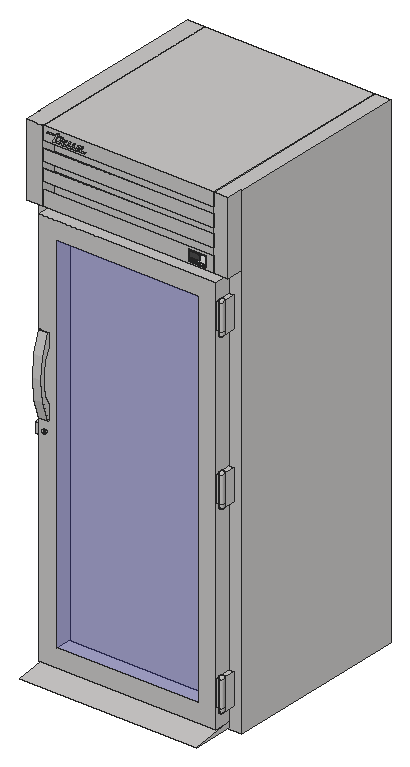
Revit family "QF_TRUE_STG1RRI-1G", category Specialty Equipment, Revit 2012
Parameters
  Weight in Pounds [instance] = 0
  Watts = Volts * FL Amps  # 1023.5 W
  Volts = 115 V
  URL Cutsheet = "www.truemfg.com"
  URL = "www.truemfg.com"
  Type Mark [instance] = ""
  Type Comments = ""
  Status [instance] = ""
  Specification by User [instance] = ""
  Specification by Manufacturer = ""
  Show Logo [instance] = yes
  Show Clearance [instance] = yes
  Serial Number = ""
  Seismic Rating = ""
  SMACNA No = ""
  Revision Code [instance] = ""
  Phase = 1
  Omniclass Number and Title = ""
  Number of Poles [instance] = 1
  NAFEM Spec ID Number = ""
  Model = "STG1RRI-1G"
  Min Ckt Ampacity = 0 A
  Max Overcurrent Protection = 0 A
  Masterspec [instance] = ""
  Manufacturer = "TRUE FOOD SERVICE EQUIPMENT, INC."
  Length = 35"
  Item Number [instance] = ""
  Installed By [instance] = ""
  Identify Quantity as Lot [instance] = yes
  Height = 83 3/4"
  HP = "1/3"
  Furnished By [instance] = ""
  Foodservice Equipment Identifier [instance] = yes
  FL Amps = 8.9 A
  Electrical Remarks [instance] = ""
  Electric Connection Type [instance] = ""
  Elec Conn RI Height [instance] = 0"
  Elec Conn Connection Height [instance] = 0"
  Description = "ROLL-IN GLASS SWING DOOR REFRIGERATOR WITH LED LIGHTING"
  Depth = 34 3/4"
  Cycle = 60 Hz
  Conn Plug = "5-15P"
  Conn Conduit = yes
  CSI MasterFormat = ""
  CSI Master Format = ""
  Apparent Power = if(Phase = 3, Volts * FL Amps * 1.73, Volts * FL Amps)  # 1023.5 VA
Reference planes (in)
  plane 1 "BACK": y = 0
  plane 2: z = 0
  plane 3 "LEFT": x = 0
  plane 4 "RIGHT": x = 35
  plane 5 "FRONT": y = -34.75
  plane 6 "TOP": z = 83.75
  plane 7: x = 2.84375
  plane 8: y = -34.7042
  plane 9: x = 32.15625
  plane 10: z = 69.90625
  plane 11: y = -64.625
Forms (in)
  Extrusion 1, solid, material "QF_Finishes_Stainless Steel"
    sketch origin (0.05, 0, 0) x (1, 0, 0) y (0, 1, 0)
      loop
        line (-0.05, 0) -> (-0.05, -32) -> (2.87859, -32) -> (2.87859, 0) -> (-0.05, 0)
    from 0 to 83.75
  Extrusion 2, solid, material "QF_Finishes_Stainless Steel"
    sketch origin (50.15, 0, 0) x (1, 0, 0) y (0, 1, 0)
      loop
        line (-17.85, 0) -> (-17.85, -32) -> (-15.15, -32) -> (-15.15, 0) -> (-17.85, 0)
    from 0 to 83.75
  Extrusion 3, solid, material "QF_Finishes_Stainless Steel"
    sketch origin (0, 0, 0) x (0, 1, 0) y (0, 0, 1)
      loop
        line (-34.7042, 71.28125) -> (-32, 71.28125) -> (-32, 0) -> (0, 0) -> (0, 83.75) -> (-34.7042, 83.75) -> (-34.7042, 81.46828) -> (-32.5, 79.90102) -> (-32.5, 78.77875) -> (-34.7042, 80.34601) -> (-34.7042, 78.2123) -> (-32.5, 76.64504) -> (-32.5, 75.68428) -> (-34.7042, 77.25154) -> (-34.7042, 75.15534) -> (-32.5, 73.58807) -> (-32.5, 72.3125) -> (-34.7042, 73.87976) -> (-34.7042, 71.28125)
    from 2.92859 to 32.3
  Extrusion 4, solid, material "QF_Finishes_Stainless Steel"
    sketch origin (0, 0, 0) x (1, 0, 0) y (0, 1, 0)
      loop
        line (34.84782, -32) -> (32.3, -32) -> (32.3, -34.75) -> (34.84782, -34.75) -> (34.84782, -32)
    from 71.28125 to 83.75
  Extrusion 5, solid, material "QF_Finishes_Stainless Steel"
    sketch origin (-50.125, 0, 0.25) x (1, 0, 0) y (0, 1, 0)
      loop
        line (53.05359, -32) -> (50.24109, -32) -> (50.24109, -34.75) -> (53.05359, -34.75) -> (53.05359, -32)
    from 71.03125 to 83.5
  Extrusion 6, solid, material "QF_Finishes_Stainless Steel", visible <- "Show Logo"
    sketch origin (0.33478, 0.06376, 5.01857) x (1, 0, 0) y (0, 0, 1)
      loop
        line (3.46044, 78.08731) -> (3.35478, 77.86073) -> (4.76027, 77.86073)
        arc (4.76027, 77.86073) -> (4.78879, 77.81028) -> (4.76027, 77.75984) r 0.05887
        line (4.76027, 77.75984) -> (4.39369, 76.97372)
        arc (4.39369, 76.97372) -> (4.39051, 76.90091) -> (4.43975, 76.84717) r 0.09523
        line (4.43975, 76.84717) -> (5.33844, 76.84717)
        arc (5.33844, 76.84717) -> (5.45192, 76.88295) -> (5.52436, 76.97735) r 0.19785
        line (5.52436, 76.97735) -> (5.81285, 77.59601) -> (6.0779, 77.59601)
        arc (6.0779, 77.59601) -> (6.14744, 77.57043) -> (6.13737, 77.49703) r 0.05911
        line (6.13737, 77.49703) -> (5.89598, 76.97937)
        arc (5.89598, 76.97937) -> (5.89974, 76.8934) -> (5.97231, 76.84717) r 0.09318
        line (5.97231, 76.84717) -> (6.76198, 76.84717)
        arc (6.76198, 76.84717) -> (6.82249, 76.86919) -> (6.85468, 76.92495) r 0.09412
        arc (6.85468, 76.92495) -> (6.87746, 76.86995) -> (6.93246, 76.84717) r 0.07778
        line (6.93246, 76.84717) -> (7.43246, 76.84717)
        arc (7.43246, 76.84717) -> (7.49022, 76.86265) -> (7.53251, 76.90493) r 0.11552
        arc (7.53251, 76.90493) -> (7.55275, 76.85606) -> (7.60162, 76.83581) r 0.06912
        line (7.60162, 76.83581) -> (8.31225, 76.83581)
        arc (8.31225, 76.83581) -> (8.37034, 76.85988) -> (8.39441, 76.91797) r 0.08216
        arc (8.39441, 76.91797) -> (8.44767, 76.86472) -> (8.52042, 76.84522) r 0.14551
        line (8.52042, 76.84522) -> (9.85158, 76.84522) -> (9.99946, 77.10134) -> (8.65678, 77.10134)
        arc (8.65678, 77.10134) -> (8.61972, 77.12704) -> (8.61834, 77.17211) r 0.05009
        line (8.61834, 77.17211) -> (8.64157, 77.22192)
        arc (8.64157, 77.22192) -> (8.67723, 77.26864) -> (8.73327, 77.28635) r 0.09747
        line (8.73327, 77.28635) -> (9.16485, 77.28635)
        arc (9.16485, 77.28635) -> (9.258, 77.31131) -> (9.32619, 77.3795) r 0.1863
        line (9.32619, 77.3795) -> (9.45119, 77.59601)
        arc (9.45119, 77.59601) -> (9.45119, 77.71157) -> (9.35111, 77.76934) r 0.11556
        line (9.35111, 77.76934) -> (8.89562, 77.76934)
        arc (8.89562, 77.76934) -> (8.7795, 77.74962) -> (8.69849, 77.66412) r 0.18605
        line (8.69849, 77.66412) -> (8.48204, 77.19993)
        arc (8.48204, 77.19993) -> (8.41815, 77.11667) -> (8.31806, 77.08511) r 0.1745
        line (8.31806, 77.08511) -> (7.84559, 77.08511)
        arc (7.84559, 77.08511) -> (7.78903, 77.14684) -> (7.79268, 77.23048) r 0.10939
        line (7.79268, 77.23048) -> (8.04395, 77.76934) -> (7.88403, 77.76934) -> (7.61781, 77.19844)
        arc (7.61781, 77.19844) -> (7.56609, 77.13103) -> (7.48505, 77.10548) r 0.14128
        line (7.48505, 77.10548) -> (7.15925, 77.10548)
        arc (7.15925, 77.10548) -> (7.10419, 77.17723) -> (7.116, 77.26689) r 0.11816
        line (7.116, 77.26689) -> (7.3503, 77.76934) -> (7.18514, 77.76934) -> (6.91546, 77.191)
        arc (6.91546, 77.191) -> (6.85285, 77.12839) -> (6.76733, 77.10548) r 0.17104
        line (6.76733, 77.10548) -> (6.29555, 77.10548)
        arc (6.29555, 77.10548) -> (6.21082, 77.14499) -> (6.20267, 77.23813) r 0.0935
        line (6.20267, 77.23813) -> (6.35774, 77.57069) -> (6.57695, 77.57069)
        arc (6.57695, 77.57069) -> (6.61395, 77.68217) -> (6.69267, 77.76934) r 0.2857
        line (6.69267, 77.76934) -> (5.83605, 77.76934)
        arc (5.83605, 77.76934) -> (5.74086, 77.74824) -> (5.67498, 77.67635) r 0.16212
        line (5.67498, 77.67635) -> (5.44279, 77.17841)
        arc (5.44279, 77.17841) -> (5.3894, 77.12502) -> (5.31647, 77.10548) r 0.14586
        line (5.31647, 77.10548) -> (4.80506, 77.10548)
        arc (4.80506, 77.10548) -> (4.76514, 77.15942) -> (4.77274, 77.22609) r 0.09155
        line (4.77274, 77.22609) -> (5.11018, 77.86073) -> (5.96155, 77.86073) -> (6.06721, 78.08731) -> (5.21584, 78.08731) -> (5.32149, 78.31388) -> (5.01862, 78.31388) -> (4.91297, 78.08731) -> (3.46044, 78.08731)
      loop
        arc (8.83805, 77.56363) -> (8.80119, 77.55375) -> (8.7742, 77.52676) r 0.07373
        line (8.7742, 77.52676) -> (8.75229, 77.45936)
        arc (8.75229, 77.45936) -> (8.76245, 77.43483) -> (8.78699, 77.42466) r 0.0347
        line (8.78699, 77.42466) -> (9.15948, 77.42466)
        arc (9.15948, 77.42466) -> (9.18632, 77.43061) -> (9.20812, 77.44734) r 0.0635
        line (9.20812, 77.44734) -> (9.22624, 77.53122)
        arc (9.22624, 77.53122) -> (9.22091, 77.55368) -> (9.20009, 77.56363) r 0.02676
        line (9.20009, 77.56363) -> (8.83805, 77.56363)
    from 34.76797 to 34.83173
  Extrusion 7, solid, material "QF_Finishes_White"
    sketch origin (-22.74812, 0.0458, -7.91247) x (1, 0, 0) y (0, 0, 1)
      loop
        line (50.81732, 81.35727) -> (50.81732, 79.60996) -> (53.72357, 79.60996) -> (53.72357, 81.35727) -> (50.81732, 81.35727)
    from 34.75 to 34.76797
  Extrusion 8, solid, material "QF_Finishes_Black"
    sketch origin (-22.74812, 0.0458, -7.91247) x (1, 0, 0) y (0, 0, 1)
      loop
        line (53.78607, 81.41977) -> (50.75482, 81.41977) -> (50.75482, 79.54746) -> (53.78607, 79.54746) -> (53.78607, 81.41977)
      loop
        spline (50.95482, 79.87872) -> (50.96333, 79.86254) -> (50.98831, 79.84747) -> (51.02804, 79.83452) -> (51.07982, 79.82459) -> (51.14011, 79.81835) -> (51.20482, 79.81622) -> (51.26952, 79.81835) -> (51.32982, 79.82459) -> (51.38159, 79.83452) -> (51.42132, 79.84747) -> (51.4463, 79.86254) -> (51.45482, 79.87872)
        spline (51.45482, 79.87872) -> (51.4463, 79.89489) -> (51.42132, 79.90997) -> (51.38159, 79.92291) -> (51.32982, 79.93284) -> (51.26952, 79.93909) -> (51.20482, 79.94122) -> (51.14011, 79.93909) -> (51.07982, 79.93284) -> (51.02804, 79.92291) -> (50.98831, 79.90997) -> (50.96333, 79.89489) -> (50.95482, 79.87872)
      loop
        spline (51.65083, 79.87872) -> (51.65935, 79.86254) -> (51.68432, 79.84747) -> (51.72405, 79.83452) -> (51.77583, 79.82459) -> (51.83612, 79.81835) -> (51.90083, 79.81622) -> (51.96553, 79.81835) -> (52.02583, 79.82459) -> (52.07761, 79.83452) -> (52.11734, 79.84747) -> (52.14231, 79.86254) -> (52.15083, 79.87872)
        spline (52.15083, 79.87872) -> (52.14231, 79.89489) -> (52.11734, 79.90997) -> (52.07761, 79.92291) -> (52.02583, 79.93284) -> (51.96553, 79.93909) -> (51.90083, 79.94122) -> (51.83612, 79.93909) -> (51.77583, 79.93284) -> (51.72405, 79.92291) -> (51.68432, 79.90997) -> (51.65935, 79.89489) -> (51.65083, 79.87872)
      loop
        spline (52.40083, 79.87872) -> (52.40935, 79.86254) -> (52.43432, 79.84747) -> (52.47405, 79.83452) -> (52.52583, 79.82459) -> (52.58612, 79.81835) -> (52.65083, 79.81622) -> (52.71553, 79.81835) -> (52.77583, 79.82459) -> (52.82761, 79.83452) -> (52.86734, 79.84747) -> (52.89231, 79.86254) -> (52.90083, 79.87872)
        spline (52.90083, 79.87872) -> (52.89231, 79.89489) -> (52.86734, 79.90997) -> (52.82761, 79.92291) -> (52.77583, 79.93284) -> (52.71553, 79.93909) -> (52.65083, 79.94122) -> (52.58612, 79.93909) -> (52.52583, 79.93284) -> (52.47405, 79.92291) -> (52.43432, 79.90997) -> (52.40935, 79.89489) -> (52.40083, 79.87872)
      loop
        line (50.95481, 81.21978) -> (50.95481, 80.21978) -> (52.65433, 80.21978) -> (52.65433, 81.21978) -> (50.95481, 81.21978)
      loop
        line (53.72357, 81.35727) -> (50.81732, 81.35727) -> (50.81732, 79.60996) -> (53.72357, 79.60996) -> (53.72357, 81.35727)
      loop
        spline (53.15083, 79.87872) -> (53.15935, 79.86254) -> (53.18432, 79.84747) -> (53.22405, 79.83452) -> (53.27583, 79.82459) -> (53.33612, 79.81835) -> (53.40083, 79.81622) -> (53.46553, 79.81835) -> (53.52583, 79.82459) -> (53.57761, 79.83452) -> (53.61734, 79.84747) -> (53.64231, 79.86254) -> (53.65083, 79.87872)
        spline (53.65083, 79.87872) -> (53.64231, 79.89489) -> (53.61734, 79.90997) -> (53.57761, 79.92291) -> (53.52583, 79.93284) -> (53.46553, 79.93909) -> (53.40083, 79.94122) -> (53.33612, 79.93909) -> (53.27583, 79.93284) -> (53.22405, 79.92291) -> (53.18432, 79.90997) -> (53.15935, 79.89489) -> (53.15083, 79.87872)
    from 34.76797 to 34.80335
  Extrusion 9, solid, material "QF_Finishes_Stainless Steel"
    sketch origin (-25.125, 0, 0) x (1, 0, 0) y (0, 0, 1)
      loop
        circle (56.875, 81.625) r 0.25
    from 0 to 0.0625
  Extrusion 10, solid, material "QF_Finishes_Stainless Steel"
    sketch origin (33.78125, 0, 3) x (0, 1, 0) y (0, 0, -1)
      loop
        line (-32, -64.17729) -> (-32, -58.86127) -> (-34.25, -58.86127) -> (-34.25, -59.57348) -> (-33.81497, -59.57348) -> (-33.81497, -63.97276)
        arc (-33.81497, -63.97276) -> (-33.75506, -64.11738) -> (-33.61044, -64.17729) r 0.20453
        line (-33.61044, -64.17729) -> (-32, -64.17729)
    from 0.17506 to 1
  Revolve 11, solid, material "QF_Finishes_Stainless Steel"
    sketch origin (33.28125, 0, 3) x (0, 1, 0) y (0, 0, -1)
      loop
        line (-34.26563, -59.62689) -> (-34.67229, -59.62689) -> (-34.67229, -64.0986)
        arc (-34.67229, -64.0986) -> (-34.53722, -64.35057) -> (-34.26563, -64.43983) r 0.3848
        line (-34.26563, -64.43983) -> (-34.26563, -59.62689)
      loop
        line (-34.26563, -59.57348) -> (-34.26563, -58.67281)
        arc (-34.26563, -58.67281) -> (-34.53264, -58.75883) -> (-34.67229, -59.00212) r 0.38884
        line (-34.67229, -59.00212) -> (-34.67229, -59.57348) -> (-34.26563, -59.57348)
      axis (-34.26563, -58.67281) -> (-34.26563, -64.43983)
    angle from 0 to 360
  Extrusion 12, solid, material "QF_Finishes_Stainless Steel"
    sketch origin (27.5, -1.07734, 3.0011) x (-1, 0, 0) y (0, 0, -1)
      loop
        line (-5.58509, -64.0986) -> (-5.1875, -64.0986) -> (-5.1875, -59.62579) -> (-5.58509, -59.62579) -> (-5.58509, -64.0986)
    from 32.81497 to 33.59495
  Extrusion 13, solid, material "QF_Finishes_Stainless Steel"
    sketch origin (33.78125, 0, -24) x (0, 1, 0) y (0, 0, -1)
      loop
        line (-32, -64.55229) -> (-32, -59.23627) -> (-34.25, -59.23627) -> (-34.25, -59.94848) -> (-33.81497, -59.94848) -> (-33.81497, -64.34776)
        arc (-33.81497, -64.34776) -> (-33.75506, -64.49238) -> (-33.61044, -64.55229) r 0.20453
        line (-33.61044, -64.55229) -> (-32, -64.55229)
    from 0.17506 to 1
  Revolve 14, solid, material "QF_Finishes_Stainless Steel"
    sketch origin (33.28125, 0, -24) x (0, 1, 0) y (0, 0, -1)
      loop
        line (-34.26563, -60.00189) -> (-34.67229, -60.00189) -> (-34.67229, -64.4736)
        arc (-34.67229, -64.4736) -> (-34.53722, -64.72557) -> (-34.26563, -64.81483) r 0.3848
        line (-34.26563, -64.81483) -> (-34.26563, -60.00189)
      loop
        line (-34.26563, -59.94848) -> (-34.26563, -59.04781)
        arc (-34.26563, -59.04781) -> (-34.53264, -59.13383) -> (-34.67229, -59.37712) r 0.38884
        line (-34.67229, -59.37712) -> (-34.67229, -59.94848) -> (-34.26563, -59.94848)
      axis (-34.26563, -59.04781) -> (-34.26563, -64.81483)
    angle from 0 to 360
  Extrusion 15, solid, material "QF_Finishes_Stainless Steel"
    sketch origin (27.5, -1.07734, -23.9989) x (-1, 0, 0) y (0, 0, -1)
      loop
        line (-5.58509, -64.4736) -> (-5.1875, -64.4736) -> (-5.1875, -60.00079) -> (-5.58509, -60.00079) -> (-5.58509, -64.4736)
    from 32.81497 to 33.59495
  Extrusion 16, solid, material "QF_Finishes_Stainless Steel"
    sketch origin (33.78125, 0, -55.5) x (0, 1, 0) y (0, 0, -1)
      loop
        line (-32, -64.55229) -> (-32, -59.23627) -> (-34.25, -59.23627) -> (-34.25, -59.94848) -> (-33.81497, -59.94848) -> (-33.81497, -64.34776)
        arc (-33.81497, -64.34776) -> (-33.75506, -64.49238) -> (-33.61044, -64.55229) r 0.20453
        line (-33.61044, -64.55229) -> (-32, -64.55229)
    from 0.17506 to 1
  Revolve 17, solid, material "QF_Finishes_Stainless Steel"
    sketch origin (33.28125, 0, -55.5) x (0, 1, 0) y (0, 0, -1)
      loop
        line (-34.26563, -60.00189) -> (-34.67229, -60.00189) -> (-34.67229, -64.4736)
        arc (-34.67229, -64.4736) -> (-34.53722, -64.72557) -> (-34.26563, -64.81483) r 0.3848
        line (-34.26563, -64.81483) -> (-34.26563, -60.00189)
      loop
        line (-34.26563, -59.94848) -> (-34.26563, -59.04781)
        arc (-34.26563, -59.04781) -> (-34.53264, -59.13383) -> (-34.67229, -59.37712) r 0.38884
        line (-34.67229, -59.37712) -> (-34.67229, -59.94848) -> (-34.26563, -59.94848)
      axis (-34.26563, -59.04781) -> (-34.26563, -64.81483)
    angle from 0 to 360
  Extrusion 18, solid, material "QF_Finishes_Stainless Steel"
    sketch origin (27.5, -1.07734, -55.4989) x (-1, 0, 0) y (0, 0, -1)
      loop
        line (-5.58509, -64.4736) -> (-5.1875, -64.4736) -> (-5.1875, -60.00079) -> (-5.58509, -60.00079) -> (-5.58509, -64.4736)
    from 32.81497 to 33.59495
  Extrusion 19, solid, material "QF_Door-Drawer Clearances", visible <- "Show Clearance", detail levels coarse
    sketch origin (26.42841, -3.6098, 0) x (1, 0, 0) y (0, 1, 0)
      loop
        line (6.25909, -31.1402) -> (-24.14716, -31.1402)
        arc (-24.14716, -31.1402) -> (-15.25429, -52.50017) -> (6.25909, -61.0152) r 29.72827
        line (6.25909, -61.0152) -> (6.25909, -31.1402)
    from 1 to 69.90625
  Extrusion 20, solid, material "QF_Finishes_Stainless Steel"
    sketch origin (32.6875, -1, 8.03125) x (0, 0, 1) y (0, -1, 0)
      loop
        line (-8.03125, 37.875) -> (-8.03125, 31) -> (-7.03125, 31) -> (-8.03125, 37.875)
    from 0 to -30.40625
  Extrusion 21, solid, material "QF_Finishes_Stainless Steel"
    sketch origin (-24.96875, -1, -0.71875) x (1, 0, 0) y (0, 0, 1)
      loop
        line (27.25, 1.71875) -> (57.65625, 1.71875) -> (57.65625, 70.625) -> (27.25, 70.625) -> (27.25, 1.71875)
      loop
        line (30.25, 67.625) -> (30.25, 4.71875) -> (54.65625, 4.71875) -> (54.65625, 67.625) -> (30.25, 67.625)
    from 31 to 33.75
  Extrusion 22, solid, material "QF_Finishes_Stainless Steel"
    sketch origin (-8.45676, -0.25, 92.42633) x (0, 1, 0) y (0, 0, 1)
      loop
        line (-34.5, -53.875) -> (-34.5, -51.475)
        arc (-34.5, -51.475) -> (-35.65816, -47.075) -> (-34.5, -42.675) r 8.93715
        line (-34.5, -42.675) -> (-34.5, -40.275) -> (-34.7, -40.275)
        arc (-34.7, -40.275) -> (-36.14405, -47.075) -> (-34.7, -53.875) r 16.7325
        line (-34.7, -53.875) -> (-34.5, -53.875)
    from 10.87731 to 12.37731
  Extrusion 23, solid, material "QF_Finishes_Stainless Steel"
    sketch origin (-23.1875, -1.08467, -3.375) x (1, 0, 0) y (0, 0, 1)
      loop
        circle (26.4375, 40.0625) r 0.35
      loop
        line (26.47265, 40.33635) -> (26.41715, 40.33635) -> (26.41715, 39.76895) -> (26.47265, 39.76895) -> (26.47265, 40.33635)
    from 33.5 to 33.83066
  Blend 24, solid, material "QF_Finishes_Stainless Steel"
    base sketch origin (27.53125, -1, -1.5) x (-1, 0, 0) y (0, 0, -1)
      loop
        line (25.25, -38.99169) -> (26, -38.99169) -> (26, -37.24169) -> (25.25, -37.24169) -> (25.25, -38.99169)
    top sketch origin (27.53125, 0, -1.5) x (-1, 0, 0) y (0, 0, -1)
      loop
        line (26.18223, -36.6441) -> (25.25, -36.6441) -> (25.25, -39.42643) -> (26.18223, -39.42643) -> (26.18223, -36.6441)
    from 33.57883 to 32
  Extrusion 25, solid, material "Glass"
    sketch origin (-24.96875, -1, -0.71875) x (1, 0, 0) y (0, 0, 1)
      loop
        line (30.25, 67.625) -> (30.25, 4.71875) -> (54.65625, 4.71875) -> (54.65625, 67.625) -> (30.25, 67.625)
    from 31 to 33.75
Cuts and joins
  joined: Extrusion 1, Extrusion 2, Extrusion 4, Extrusion 5
Lines and regions (in)
  symbolic lines
    curve 1: line (0, 0, 0) -> (35, 0, 0)
    curve 2: line (0, -34.75, 0) -> (0, 0, 0)
    curve 3: line (35, -34.75, 0) -> (0, -34.75, 0)
    curve 4: line (35, 0, 0) -> (35, -34.75, 0)
    curve 5: line (35, -32.5, 0) -> (0, -32.5, 0)
    curve 8: line (3.92055, -36.39405, 0) -> (3.92055, -34.75, 0)
    curve 9: line (3.92055, -36.39405, 0) -> (2.42055, -36.39405, 0)
    curve 10: line (2.42055, -34.75, 0) -> (2.42055, -36.39405, 0)
  symbolic lines, style "QF_Door-Drawer Clearances"
    curve 6: line (32.6875, -34.75, 0) -> (6.35492, -49.95313, 0)
    curve 7: arc (6.35492, -49.95313, 0) -> (3.31732, -42.61972, 0) -> (2.28125, -34.75, 0) r 30.40625
Dimensions and locks (in)
  "Depth": plane 5 "FRONT" to plane 1 "BACK"
  plane 6 "TOP" to level = 83 3/4"  (x2)
  "Length": plane 3 "LEFT" to plane 4 "RIGHT"
  plane 4 "RIGHT" to plane 3 "LEFT" = 35"
  plane 10 to level = 69 29/32"
  Extrusion 21 sketch curve to Extrusion 21 sketch curve = 30 13/32"
  plane 11 to plane 5 "FRONT" = 29 7/8"
  aligned and locked: level to plane 2
Automatic sketch dimensions
  Extrusion 1 sketch curve to plane 3 "LEFT" = 0"
  plane 1 "BACK" to Extrusion 1 sketch curve = 0"
  Extrusion 1 sketch curve to Extrusion 1 sketch curve = 2.92859"
  Extrusion 1 sketch curve to plane 5 "FRONT" = 2 3/4"
  plane 1 "BACK" to Extrusion 2 sketch curve = 0"
  Extrusion 2 sketch curve to plane 4 "RIGHT" = 0"
  Extrusion 2 sketch curve to plane 5 "FRONT" = 2 3/4"
  plane 5 "FRONT" to Extrusion 4 sketch curve = 0"
  Extrusion 4 sketch curve to plane 4 "RIGHT" = 0.15218"
  Extrusion 4 sketch curve to plane 5 "FRONT" = 2 3/4"
  plane 5 "FRONT" to Extrusion 5 sketch curve = 0"
  plane 3 "LEFT" to Extrusion 5 sketch curve = 0.11609"
  Extrusion 5 sketch curve to Extrusion 5 sketch curve = 2 13/16"
  Extrusion 5 sketch curve to plane 5 "FRONT" = 2 3/4"
  plane 3 "LEFT" to Extrusion 6 sketch curve = 3.68957"
  Extrusion 6 sketch curve to Extrusion 6 sketch curve = 0.10565"  (x5)
  Extrusion 6 sketch curve to Extrusion 6 sketch curve = 1.03891"
  Extrusion 6 sketch curve to Extrusion 6 sketch curve = 0.04606"
  Extrusion 6 sketch curve to Extrusion 6 sketch curve = 0.04025"
  Extrusion 6 sketch curve to Extrusion 6 sketch curve = 0.33624"
  Extrusion 6 sketch curve to Extrusion 6 sketch curve = 0.03034"  (x2)
  Extrusion 6 sketch curve to Extrusion 6 sketch curve = 0.29274"
  Extrusion 6 sketch curve to Extrusion 6 sketch curve = 0.03232"
  Extrusion 6 sketch curve to Extrusion 6 sketch curve = 0.08083"
  Extrusion 6 sketch curve to Extrusion 6 sketch curve = 0.1527"
  Extrusion 6 sketch curve to Extrusion 6 sketch curve = 0.19721"
  Extrusion 6 sketch curve to Extrusion 6 sketch curve = 0.4629"
  Extrusion 6 sketch curve to Extrusion 6 sketch curve = 0.02197"
  Extrusion 6 sketch curve to Extrusion 6 sketch curve = 0.12632"
  Extrusion 6 sketch curve to Extrusion 6 sketch curve = 0.18591"
  Extrusion 6 sketch curve to Extrusion 6 sketch curve = 0.2322"
  Extrusion 6 sketch curve to Extrusion 6 sketch curve = 0.13786"
  Extrusion 6 sketch curve to Extrusion 6 sketch curve = 0.00907"
  Extrusion 6 sketch curve to Extrusion 6 sketch curve = 0.01413"
  Extrusion 6 sketch curve to Extrusion 6 sketch curve = 0.37162"
  Extrusion 6 sketch curve to Extrusion 6 sketch curve = 0.12551"
  Extrusion 6 sketch curve to Extrusion 6 sketch curve = 0.07633"
  Extrusion 6 sketch curve to Extrusion 6 sketch curve = 0.08445"
  Extrusion 6 sketch curve to Extrusion 6 sketch curve = 0.25598"
  Extrusion 6 sketch curve to Extrusion 6 sketch curve = 0.01887"
  Extrusion 6 sketch curve to Extrusion 6 sketch curve = 0.04061"
  Extrusion 6 sketch curve to Extrusion 6 sketch curve = 0.0653"
  Extrusion 6 sketch curve to Extrusion 6 sketch curve = 0.08474"
  Extrusion 6 sketch curve to Extrusion 6 sketch curve = 0.00815"
  Extrusion 6 sketch curve to Extrusion 6 sketch curve = 0.22037"
  Extrusion 6 sketch curve to Extrusion 6 sketch curve = 0.21921"
  Extrusion 6 sketch curve to Extrusion 6 sketch curve = 0.11572"
  Extrusion 6 sketch curve to Extrusion 6 sketch curve = 0.46643"
  Extrusion 6 sketch curve to Extrusion 6 sketch curve = 0.00535"
  Extrusion 6 sketch curve to Extrusion 6 sketch curve = 0.09269"
  Extrusion 6 sketch curve to Extrusion 6 sketch curve = 0.09348"
  Extrusion 6 sketch curve to Extrusion 6 sketch curve = 0.14812"
  Extrusion 6 sketch curve to Extrusion 6 sketch curve = 0.07778"  (x3)
  Extrusion 6 sketch curve to Extrusion 6 sketch curve = 0.20054"
  Extrusion 6 sketch curve to Extrusion 6 sketch curve = 0.04325"
  Extrusion 6 sketch curve to Extrusion 6 sketch curve = 0.32433"
  Extrusion 6 sketch curve to Extrusion 6 sketch curve = 0.10233"  (x2)
  Extrusion 6 sketch curve to Extrusion 6 sketch curve = 0.16515"
  Extrusion 6 sketch curve to Extrusion 6 sketch curve = 0.27321"
  Extrusion 6 sketch curve to Extrusion 6 sketch curve = 0.0526"
  Extrusion 6 sketch curve to Extrusion 6 sketch curve = 0.10005"
  Extrusion 6 sketch curve to Extrusion 6 sketch curve = 0.06912"
  Extrusion 6 sketch curve to Extrusion 6 sketch curve = 0.13276"
  Extrusion 6 sketch curve to Extrusion 6 sketch curve = 0.17486"
  Extrusion 6 sketch curve to Extrusion 6 sketch curve = 0.05291"
  Extrusion 6 sketch curve to Extrusion 6 sketch curve = 0.53374"
  Extrusion 6 sketch curve to Extrusion 6 sketch curve = 0.09914"  (x2)
  Extrusion 6 sketch curve to Extrusion 6 sketch curve = 0.15992"
  Extrusion 6 sketch curve to Extrusion 6 sketch curve = 0.46666"
  Extrusion 6 sketch curve to Extrusion 6 sketch curve = 0.00582"
  Extrusion 6 sketch curve to Extrusion 6 sketch curve = 0.08216"
  Extrusion 6 sketch curve to Extrusion 6 sketch curve = 0.16397"
  Extrusion 6 sketch curve to Extrusion 6 sketch curve = 0.12601"
  Extrusion 6 sketch curve to Extrusion 6 sketch curve = 0.1363"
  Extrusion 6 sketch curve to Extrusion 6 sketch curve = 0.02323"
  Extrusion 6 sketch curve to Extrusion 6 sketch curve = 0.03844"
  Extrusion 6 sketch curve to Extrusion 6 sketch curve = 0.0454"
  Extrusion 6 sketch curve to Extrusion 6 sketch curve = 0.05693"
  Extrusion 6 sketch curve to Extrusion 6 sketch curve = 0.0917"
  Extrusion 6 sketch curve to Extrusion 6 sketch curve = 0.01902"
  Extrusion 6 sketch curve to Extrusion 6 sketch curve = 0.02191"
  Extrusion 6 sketch curve to Extrusion 6 sketch curve = 0.0347"
  Extrusion 6 sketch curve to Extrusion 6 sketch curve = 0.06385"
  Extrusion 6 sketch curve to Extrusion 6 sketch curve = 0.02906"
  Extrusion 6 sketch curve to Extrusion 6 sketch curve = 0.02851"
  Extrusion 6 sketch curve to Extrusion 6 sketch curve = 0.29237"
  Extrusion 6 sketch curve to Extrusion 6 sketch curve = 0.00537"
  Extrusion 6 sketch curve to Extrusion 6 sketch curve = 0.0406"
  Extrusion 6 sketch curve to Extrusion 6 sketch curve = 0.04327"
  Extrusion 6 sketch curve to Extrusion 6 sketch curve = 0.02615"
  Extrusion 6 sketch curve to Extrusion 6 sketch curve = 0.11806"
  Extrusion 6 sketch curve to Extrusion 6 sketch curve = 0.15103"
  Extrusion 6 sketch curve to Extrusion 6 sketch curve = 0.10007"
  Extrusion 6 sketch curve to Extrusion 6 sketch curve = 0.5254"
  Extrusion 6 sketch curve to Extrusion 6 sketch curve = 0.14787"
  Extrusion 6 sketch curve to plane 6 "TOP" = 1.89562"
  Extrusion 6 sketch curve to Extrusion 6 sketch curve = 0.07275"
  Extrusion 6 sketch curve to Extrusion 6 sketch curve = 0.05776"
  Extrusion 6 sketch curve to Extrusion 6 sketch curve = 0.08631"
  Extrusion 6 sketch curve to Extrusion 6 sketch curve = 0.09282"
  Extrusion 6 sketch curve to Extrusion 6 sketch curve = 0.13018"
  Extrusion 6 sketch curve to Extrusion 6 sketch curve = 0.16714"
  Extrusion 6 sketch curve to Extrusion 6 sketch curve = 0.11061"
  Extrusion 6 sketch curve to Extrusion 6 sketch curve = 0.06046"
  Extrusion 6 sketch curve to Extrusion 6 sketch curve = 0.16548"
  Extrusion 6 sketch curve to Extrusion 6 sketch curve = 0.14279"
  Extrusion 6 sketch curve to Extrusion 6 sketch curve = 0.0496"
  Extrusion 6 sketch curve to Extrusion 6 sketch curve = 0.07293"
  Extrusion 6 sketch curve to Extrusion 6 sketch curve = 0.07764"
  Extrusion 6 sketch curve to Extrusion 6 sketch curve = 0.03794"
  Extrusion 6 sketch curve to Extrusion 6 sketch curve = 0.08552"
  Extrusion 6 sketch curve to Extrusion 6 sketch curve = 0.09296"
  Extrusion 6 sketch curve to Extrusion 6 sketch curve = 0.09314"
  Extrusion 6 sketch curve to Extrusion 6 sketch curve = 0.02781"
  Extrusion 6 sketch curve to Extrusion 6 sketch curve = 0.04981"
  Extrusion 6 sketch curve to Extrusion 6 sketch curve = 0.09315"
  Extrusion 6 sketch curve to Extrusion 6 sketch curve = 0.04799"
  Extrusion 6 sketch curve to Extrusion 6 sketch curve = 0.02531"
  Extrusion 6 sketch curve to Extrusion 6 sketch curve = 0.03054"
  Extrusion 6 sketch curve to Extrusion 6 sketch curve = 0.2589"
  Extrusion 6 sketch curve to Extrusion 6 sketch curve = 0.0674"
  Extrusion 6 sketch curve to Extrusion 6 sketch curve = 0.0324"
  Extrusion 6 sketch curve to Extrusion 6 sketch curve = 0.26185"
  Extrusion 6 sketch curve to Extrusion 6 sketch curve = 11/256"
  Extrusion 6 sketch curve to Extrusion 6 sketch curve = 0.07366"
  Extrusion 6 sketch curve to Extrusion 6 sketch curve = 0.02187"
  Extrusion 6 sketch curve to Extrusion 6 sketch curve = 0.06479"
  Extrusion 6 sketch curve to Extrusion 6 sketch curve = 0.01183"
  Extrusion 6 sketch curve to Extrusion 6 sketch curve = 0.05778"
  Extrusion 6 sketch curve to Extrusion 6 sketch curve = 0.53375"
  Extrusion 6 sketch curve to Extrusion 6 sketch curve = 0.23098"
  Extrusion 6 sketch curve to Extrusion 6 sketch curve = 0"
  Extrusion 6 sketch curve to Extrusion 6 sketch curve = 0.05045"
  Extrusion 6 sketch curve to Extrusion 6 sketch curve = 0.09139"
  Extrusion 6 sketch curve to Extrusion 6 sketch curve = 29/128"  (x3)
  Extrusion 9 sketch curve to plane 6 "TOP" = 2 1/8"
  Extrusion 10 sketch curve to plane 5 "FRONT" = 1/2"
  Extrusion 10 sketch curve to Extrusion 10 sketch curve = 0.43503"
  Extrusion 10 sketch curve to Extrusion 10 sketch curve = 0.20453"
  Extrusion 10 sketch curve to Extrusion 10 sketch curve = 1.61044"
  Extrusion 10 sketch curve to plane 6 "TOP" = 16.57271"
  Extrusion 10 sketch curve to Extrusion 10 sketch curve = 4.39928"
  Extrusion 10 sketch curve to Extrusion 10 sketch curve = 0.71221"
  Revolve 11 sketch curve to plane 5 "FRONT" = 0.07771"  (x2)
  Revolve 11 sketch curve to Revolve 11 sketch curve = 0.38242"
  Revolve 11 sketch curve to Revolve 11 sketch curve = 0.38436"
  Revolve 11 sketch curve to plane 5 "FRONT" = 31/64"
  Revolve 11 sketch curve to Revolve 11 sketch curve = 0.40666"
  Revolve 11 sketch curve to Revolve 11 sketch curve = 0"
  Revolve 11 sketch curve to plane 6 "TOP" = 15.75492"
  Revolve 11 sketch curve to Revolve 11 sketch curve = 0.55526"
  Revolve 11 sketch curve to Revolve 11 sketch curve = 0.19474"
  Revolve 11 sketch curve to Revolve 11 sketch curve = 0.14649"
  Revolve 11 sketch curve to Revolve 11 sketch curve = 4.42889"
  Revolve 11 sketch curve to Revolve 11 sketch curve = 0.05342"
  Revolve 11 sketch curve to Revolve 11 sketch curve = 0.51246"
  Revolve 11 sketch curve to Revolve 11 sketch curve = 0.05889"
  Extrusion 12 sketch curve to Extrusion 12 sketch curve = 0.39759"
  Extrusion 12 sketch curve to plane 6 "TOP" = 16.6503"
  Extrusion 12 sketch curve to Extrusion 12 sketch curve = 4.47281"
  Extrusion 13 sketch curve to plane 5 "FRONT" = 1/2"
  Extrusion 13 sketch curve to Extrusion 13 sketch curve = 0.43503"
  Extrusion 13 sketch curve to Extrusion 13 sketch curve = 0.20453"
  Extrusion 13 sketch curve to Extrusion 13 sketch curve = 1.61044"
  Extrusion 13 sketch curve to Extrusion 13 sketch curve = 4.39928"
  Extrusion 13 sketch curve to Extrusion 13 sketch curve = 0.71221"
  Revolve 14 sketch curve to plane 5 "FRONT" = 0.07771"  (x2)
  Revolve 14 sketch curve to Revolve 14 sketch curve = 0.38242"
  Revolve 14 sketch curve to Revolve 14 sketch curve = 0.38436"
  Revolve 14 sketch curve to plane 5 "FRONT" = 31/64"
  Revolve 14 sketch curve to Revolve 14 sketch curve = 0.40666"
  Revolve 14 sketch curve to Revolve 14 sketch curve = 0"
  Revolve 14 sketch curve to Revolve 14 sketch curve = 0.55526"
  Revolve 14 sketch curve to Revolve 14 sketch curve = 0.19474"
  Revolve 14 sketch curve to Revolve 14 sketch curve = 0.14649"
  Revolve 14 sketch curve to Revolve 14 sketch curve = 4.42889"
  Revolve 14 sketch curve to Revolve 14 sketch curve = 0.05342"
  Revolve 14 sketch curve to Revolve 14 sketch curve = 0.51246"
  Revolve 14 sketch curve to Revolve 14 sketch curve = 0.05889"
  Extrusion 15 sketch curve to Extrusion 15 sketch curve = 0.39759"
  Extrusion 15 sketch curve to Extrusion 15 sketch curve = 4.47281"
  Extrusion 16 sketch curve to plane 5 "FRONT" = 1/2"
  Extrusion 16 sketch curve to Extrusion 16 sketch curve = 0.43503"
  Extrusion 16 sketch curve to Extrusion 16 sketch curve = 0.20453"
  Extrusion 16 sketch curve to Extrusion 16 sketch curve = 1.61044"
  Extrusion 16 sketch curve to Extrusion 16 sketch curve = 0.71221"
  Revolve 17 sketch curve to plane 5 "FRONT" = 0.07771"  (x2)
  Revolve 17 sketch curve to Revolve 17 sketch curve = 0.38242"
  Revolve 17 sketch curve to Revolve 17 sketch curve = 0.38436"
  Revolve 17 sketch curve to plane 5 "FRONT" = 31/64"
  Revolve 17 sketch curve to Revolve 17 sketch curve = 0.40666"
  Revolve 17 sketch curve to Revolve 17 sketch curve = 0"
  Revolve 17 sketch curve to Revolve 17 sketch curve = 0.55526"
  Revolve 17 sketch curve to Revolve 17 sketch curve = 0.19474"
  Revolve 17 sketch curve to Revolve 17 sketch curve = 0.14649"
  Revolve 17 sketch curve to Revolve 17 sketch curve = 0.05342"
  Revolve 17 sketch curve to Revolve 17 sketch curve = 0.51246"
  Revolve 17 sketch curve to Revolve 17 sketch curve = 0.05889"
  Extrusion 18 sketch curve to Extrusion 18 sketch curve = 0.39759"
  Extrusion 3 sketch curve to plane 8 = 0"  (x4)
  Extrusion 3 sketch curve to plane 6 "TOP" = 0"
  plane 8 to Extrusion 3 sketch curve = 2.2042"  (x2)
  Extrusion 3 sketch curve to Extrusion 3 sketch curve = 0"
  Extrusion 3 sketch curve to Extrusion 3 sketch curve = 1/2"
  plane 1 "BACK" to Extrusion 3 sketch curve = 0"
  Extrusion 3 sketch curve to plane 6 "TOP" = 2.28172"
  Extrusion 3 sketch curve to Extrusion 3 sketch curve = 1.12227"  (x2)
  Extrusion 3 sketch curve to Extrusion 3 sketch curve = 0.445"
  Extrusion 3 sketch curve to Extrusion 3 sketch curve = 2.13371"  (x2)
  Extrusion 3 sketch curve to Extrusion 3 sketch curve = 0.96076"  (x2)
  Extrusion 3 sketch curve to Extrusion 3 sketch curve = 2.0962"  (x2)
  Extrusion 3 sketch curve to Extrusion 3 sketch curve = 1.27557"  (x2)
  Extrusion 3 sketch curve to Extrusion 3 sketch curve = 1 1/32"
  Extrusion 2 sketch curve to plane 4 "RIGHT" = 2.7"
  Extrusion 4 sketch curve to Extrusion 4 sketch curve = 2.54782"
  Extrusion 9 sketch curve to plane 4 "RIGHT" = 3 1/4"
  Extrusion 12 sketch curve to plane 4 "RIGHT" = 1.91491"
  Extrusion 15 sketch curve to plane 4 "RIGHT" = 1.91491"
  Extrusion 18 sketch curve to plane 4 "RIGHT" = 1.91491"
  Extrusion 8 sketch curve to Extrusion 8 sketch curve = 1/4"  (x4)
  Extrusion 8 sketch curve to Extrusion 8 sketch curve = 0.4965"
  Extrusion 8 sketch curve to Extrusion 8 sketch curve = 0.0035"
  Extrusion 8 sketch curve to Extrusion 8 sketch curve = 1/2"
  Extrusion 8 sketch curve to Extrusion 8 sketch curve = 0.44601"
  Extrusion 8 sketch curve to Extrusion 8 sketch curve = 0"  (x3)
  Extrusion 8 sketch curve to Extrusion 8 sketch curve = 0.1375"  (x2)
  Extrusion 8 sketch curve to Extrusion 8 sketch curve = 1/16"  (x4)
  Extrusion 8 sketch curve to plane 6 "TOP" = 12.11501"
  Extrusion 8 sketch curve to Extrusion 8 sketch curve = 0.26876"  (x2)
  Extrusion 8 sketch curve to Extrusion 8 sketch curve = 0.34106"
  Extrusion 8 sketch curve to plane 6 "TOP" = 10.44269"
  Extrusion 7 sketch curve to plane 6 "TOP" = 10.30519"
  Extrusion 7 sketch curve to Extrusion 7 sketch curve = 1.74732"
  Extrusion 7 sketch curve to plane 4 "RIGHT" = 6.9308"
  Extrusion 7 sketch curve to Extrusion 7 sketch curve = 2 29/32"
  Extrusion 8 sketch curve to plane 4 "RIGHT" = 6.9933"
  Extrusion 8 sketch curve to Extrusion 8 sketch curve = 1.06923"
  level to Extrusion 3 sketch curve = 0"
  level to Extrusion 13 sketch curve = 40.55229"
  level to Revolve 14 sketch curve = 41.37008"
  level to Extrusion 15 sketch curve = 40.4747"
  level to Extrusion 16 sketch curve = 9.05229"
  Extrusion 16 sketch curve to Extrusion 16 sketch curve = 4.39928"
  level to Revolve 17 sketch curve = 9.87008"
  Revolve 17 sketch curve to Revolve 17 sketch curve = 4.42889"
  level to Extrusion 18 sketch curve = 8.9747"
  Extrusion 18 sketch curve to Extrusion 18 sketch curve = 4.47281"
  Extrusion 20 sketch curve to Extrusion 20 sketch curve = 1"
  Extrusion 20 sketch curve to level = 0"
  Extrusion 20 sketch curve to plane 5 "FRONT" = 2 3/4"
  plane 5 "FRONT" to Extrusion 20 sketch curve = 4 1/8"
  Extrusion 21 sketch curve to plane 7 = 9/16"
  plane 7 to Extrusion 21 sketch curve = 2 7/16"
  plane 9 to Extrusion 21 sketch curve = 2 15/32"
  level to Extrusion 21 sketch curve = 1"
  level to Extrusion 21 sketch curve = 4"
  Extrusion 21 sketch curve to plane 10 = 3"
  Extrusion 21 sketch curve to plane 10 = 0"
  plane 5 "FRONT" to Extrusion 22 sketch curve = 0.2"  (x2)
  plane 5 "FRONT" to Extrusion 22 sketch curve = 0"  (x2)
  Extrusion 22 sketch curve to plane 5 "FRONT" = 7.77899"
  Extrusion 22 sketch curve to Extrusion 22 sketch curve = 7.30945"
  Extrusion 22 sketch curve to plane 10 = 31.35492"
  Extrusion 22 sketch curve to Extrusion 22 sketch curve = 2.4"
  Extrusion 22 sketch curve to Extrusion 22 sketch curve = 4.4"
  Extrusion 22 sketch curve to Extrusion 22 sketch curve = 0"
  plane 7 to Extrusion 23 sketch curve = 0.3859"
  Extrusion 23 sketch curve to Extrusion 23 sketch curve = 0.02035"
  Extrusion 23 sketch curve to Extrusion 23 sketch curve = 0.0555"
  Extrusion 23 sketch curve to plane 10 = 33.5123"
  Extrusion 23 sketch curve to Extrusion 23 sketch curve = 0.29355"
  Extrusion 23 sketch curve to Extrusion 23 sketch curve = 0.27385"
  Blend 24 sketch curve to plane 7 = 9/16"
  Blend 24 sketch curve to Blend 24 sketch curve = 3/4"
  Blend 24 sketch curve to plane 10 = 32.41456"
  Blend 24 sketch curve to Blend 24 sketch curve = 1 3/4"
  plane 7 to Blend 24 sketch curve = 9/16"
  Blend 24 sketch curve to Blend 24 sketch curve = 0.93223"
  plane 10 to Blend 24 sketch curve = 34.76215"
  Blend 24 sketch curve to Blend 24 sketch curve = 2.78233"
  plane 7 to Extrusion 25 sketch curve = 2 7/16"
  plane 9 to Extrusion 25 sketch curve = 2 15/32"
  level to Extrusion 25 sketch curve = 4"
  Extrusion 25 sketch curve to plane 10 = 3"
  plane 1 "BACK" to curve 1 = 0"
  curve 1 to plane 3 "LEFT" = 0"
  plane 5 "FRONT" to curve 7 = 0"
  curve 4 to plane 4 "RIGHT" = 0"
  curve 7 to plane 7 = 9/16"
  curve 10 to plane 7 = 0.4232"
  plane 7 to curve 9 = 1.0768"
  plane 7 to curve 6 = 3.51117"
  curve 6 to curve 7 = 0"
  curve 8 to curve 8 = 1.64405"
  curve 5 to plane 5 "FRONT" = 2 1/4"
  curve 7 to plane 9 = 17/32"
  plane 5 "FRONT" to Extrusion 19 sketch curve = 0"
  Extrusion 19 sketch curve to plane 11 = 0"
  Extrusion 19 sketch curve to plane 7 = 9/16"
  plane 9 to Extrusion 19 sketch curve = 0.14713"
  Extrusion 19 sketch curve to plane 9 = 17/32"
  radius of Extrusion 9 sketch curve = 1/4"
  radius of Extrusion 23 sketch curve = 0.35"
Connectors (in)
  electrical at (31.75, -0.0625, 81.625), driven by "Volts", driven by "Watts"
    settings: on Extrusion 9, index 1, voltage 115 V, apparent load 1023.5 VA, apparent load phase1 0 VA, apparent load phase2 0 VA, apparent load phase3 0 VA, power factor 1, load classification "Other", number of poles 1, system type 30, power factor state 1, is connector primary yes, connector utility no, sub classification motor no, connector description "ELECTRICAL CONNECTION"
